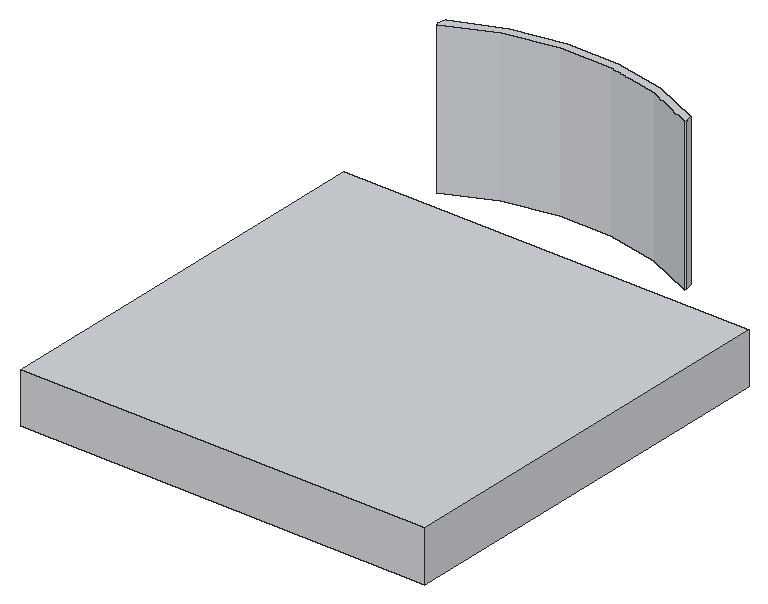
Revit family
Parameters
  Width = 0' - 1 15/16"
  URL = "www.coldspringgranite.com"
  TypicalJointSize = 0' - 0 1/4"
  TopJointOff = no
  TopJoint = if(TopJointOff, 0' 0", TypicalJointSize / 2)  # 0' - 0 1/8"
  StoneMaterial = none
  StoneAngle = 60.00°
  QuirkMiterRightVisibilityOff = not(QuirkMiterRightOn)  # no
  QuirkMiterRightProfileOn = if(QuirkMiterRightOn, 0' 0", Height * 2)  # 0' - 0"
  QuirkMiterRightOn = yes
  QuirkMiterLeftVisibilityOff = not(QuirkMiterLeftOn)  # no
  QuirkMiterLeftProfileOn = if(QuirkMiterLeftOn, 0' 0", Height * 2)  # 0' - 0"
  QuirkMiterLeftOn = yes
  QuirkMiterJoint = TypicalJointSize / 2  # 0' - 0 1/8"
  QuirkMiterFaceAngle = 2 * (asin(QuirkMiter / (2 * InsideRadius)))  # 0.716202°
  QuirkMiterAngle = 45.00°
  QuirkMiter = 0' - 0 3/4"
  Product Name = "Match Website"
  Product Documentation Link = "Website Address"
  PhoneNumber = "800-551-7502"
  OutsideRise = OutsideRadius - (OutsideRadius * cos(StoneAngle / 2))  # 0' - 8.29805"
  OutsideRadius = InsideRadius + Width  # 5' - 1 15/16"
  Notes = ""
  Model = "N/A"
  Manufacturer = "Cold Spring Granite Company"
  Low Emitting Material = yes
  Low Emitting Finish = yes
  Location = "17482 Granite West Road, cold Spring, MN  56320-4578"
  Length = 2 * (InsideRadius * sin(StoneAngle / 2))  # 5' - 0"
  LEED Credit = ""
  Keynote = "044256"
  InsideRise = InsideRadius - (InsideRadius * cos(StoneAngle / 2))  # 0' - 8.03848"
  InsideRadius = 5' - 0"
  Height = 3' - 0"
  FrontHalfLengthRight = if(QuirkMiterRightOn, (InsideRadius * sin((StoneAngle - (QuirkMiterFaceAngle * 2)) / 2)), (Length / 2))  # 2' - 5.34815"
  FrontHalfLengthLeft = if(QuirkMiterLeftOn, (InsideRadius * sin((StoneAngle - (QuirkMiterFaceAngle * 2)) / 2)), (Length / 2))  # 2' - 5.34815"
  Description = "Concave Radial Wall Facing with Quirk Miter"
  Default Elevation = 0' - 0"
  BottomJointOff = no
  BottomJoint = if(BottomJointOff, 0' 0", TypicalJointSize / 2)  # 0' - 0 1/8"
  BackHalfLength = OutsideRadius * sin(StoneAngle / 2)  # 2' - 6 31/32"
  Assembly Code = "B2010160"
Reference planes (in)
  plane 1 "Center (Front/Back)": y = 0
  plane 2: z = 0
  plane 3 "Center (Left/Right)": x = 0
  plane 4 "LeftFront": x = -29.34815
  plane 5 "Left": x = -30
  plane 6 "LeftBack": x = -30.96875
  plane 7 "RightFront": x = 29.34815
  plane 8 "Right": x = 30
  plane 9 "RightBack": x = 30.96875
  plane 10 "FrontEnds": y = 51.96152
  plane 11 "BackEnds": y = 53.63945
  plane 12 "FrontCenter": y = 60
  plane 13 "BackCenter": y = 61.9375
  plane 14 "StoneTop": z = 35.875
  plane 15 "Top": z = 36
  plane 16 "LeftTop": z = 35.875
  plane 17 "RightTop": z = 35.875
  plane 18 "LeftBottom": z = 0.125
  plane 19 "RightBottom": z = 0.125
  plane 20 "StoneBottom": z = 0.125
Forms (in)
  Extrusion 1, solid
    sketch origin (0, 0, 0) x (1, 0, 0) y (0, 1, 0)
      loop
        line (-48, 48) -> (-48, -48) -> (48, -48) -> (48, 48) -> (-48, 48)
    from 0 to -12
  Extrusion 2, solid, material <- "StoneMaterial", detail levels coarse
    sketch origin (0, 0, 0) x (1, 0, 0) y (0, 1, 0)
      loop
        arc (-30, 51.96152) -> (0, 60) -> (30, 51.96152) r 60
        line (30, 51.96152) -> (30.96875, 53.63945)
        arc (30.96875, 53.63945) -> (0, 61.9375) -> (-30.96875, 53.63945) r 61.9375
        line (-30.96875, 53.63945) -> (-30, 51.96152)
    from 0 to 36
  Extrusion 3, solid, material <- "StoneMaterial", detail levels medium+fine
    sketch origin (0, 0, 0) x (1, 0, 0) y (0, 1, 0)
      loop
        arc (-30, 51.96152) -> (0, 60) -> (30, 51.96152) r 60
        line (30, 51.96152) -> (30.96875, 53.63945)
        arc (30.96875, 53.63945) -> (0, 61.9375) -> (-30.96875, 53.63945) r 61.9375
        line (-30.96875, 53.63945) -> (-30, 51.96152)
    from 0.125 to 35.875
  Extrusion 4, void
    sketch origin (0, 0, 0) x (1, 0, 0) y (0, 1, 0)
      loop
        arc (-30, 51.96152) -> (-29.67465, 52.14801) -> (-29.34814, 52.33246) r 60
        line (-29.34814, 52.33246) -> (-29.63709, 52.83295) -> (-29.15051, 54.64889)
        arc (-29.15051, 54.64889) -> (-30.06387, 54.1518) -> (-30.96875, 53.63945) r 61.9375
        line (-30.96875, 53.63945) -> (-30, 51.96152)
    from 0.125 to 35.875
  Extrusion 5, void
    sketch origin (0, 0, 0) x (1, 0, 0) y (0, 1, 0)
      loop
        line (30, 51.96152) -> (30.96875, 53.63945)
        arc (30.96875, 53.63945) -> (30.06387, 54.1518) -> (29.15051, 54.64889) r 61.9375
        line (29.15051, 54.64889) -> (29.63709, 52.83295) -> (29.34814, 52.33246)
        arc (29.34814, 52.33246) -> (29.67465, 52.14801) -> (30, 51.96152) r 60
    from 0.125 to 35.875
Cuts and joins
  Extrusion 4, Extrusion 5 cuts Extrusion 3
Lines and regions (in)
  Masking region 1, detail levels coarse
    outline origin (0, 0, 0) x (0, 1, 0) y (0, 0, 1)
      loop
        line (61.9375, 0) -> (61.9375, 36) -> (60, 36) -> (60, 0) -> (61.9375, 0)
  Masking region 2, detail levels medium+fine
    outline origin (0, 0, 0) x (0, 1, 0) y (0, 0, 1)
      loop
        line (61.9375, 0.125) -> (61.9375, 35.875) -> (60, 35.875) -> (60, 0.125) -> (61.9375, 0.125)
  Masking region 3, detail levels coarse
    outline origin (0, 51.96152, 0) x (-1, 0, 0) y (0, 0, 1)
      loop
        line (30, 36) -> (-30, 36) -> (-30, 0) -> (30, 0) -> (30, 36)
  Masking region 4, detail levels medium+fine
    outline origin (0, 51.96152, 0) x (-1, 0, 0) y (0, 0, 1)
      loop
        line (29.34815, 0.125) -> (29.34815, 35.875) -> (-29.34815, 35.875) -> (-29.34815, 0.125) -> (29.34815, 0.125)
  Masking region 5, detail levels coarse
    outline origin (0, 0, 35.875) x (-1, 0, 0) y (0, -1, 0)
      loop
        arc (30, -51.96152) -> (0, -60) -> (-30, -51.96152) r 60
        line (-30, -51.96152) -> (-30.96875, -53.63945)
        arc (-30.96875, -53.63945) -> (0, -61.9375) -> (30.96875, -53.63945) r 61.9375
        line (30.96875, -53.63945) -> (30, -51.96152)
  Masking region 6, visible <- "QuirkMiterLeftOn", detail levels medium+fine
    outline origin (0, 0, 35.875) x (-1, 0, 0) y (0, -1, 0)
      loop
        arc (0, -61.9375) -> (15.02395, -60.08773) -> (29.15051, -54.64889) r 61.9375
        line (29.15051, -54.64889) -> (29.63709, -52.83295) -> (29.34814, -52.33246)
        arc (29.34814, -52.33246) -> (15.16661, -58.05148) -> (0, -60) r 60
        line (0, -60) -> (0, -61.9375)
  Masking region 7, visible <- "QuirkMiterRightOn", detail levels medium+fine
    outline origin (0, 0, 35.875) x (-1, 0, 0) y (0, -1, 0)
      loop
        arc (0, -60) -> (-15.16661, -58.05148) -> (-29.34814, -52.33246) r 60
        line (-29.34814, -52.33246) -> (-29.63709, -52.83295) -> (-29.15051, -54.64889)
        arc (-29.15051, -54.64889) -> (-15.02395, -60.08773) -> (0, -61.9375) r 61.9375
        line (0, -61.9375) -> (0, -60)
  Masking region 8, visible <- "QuirkMiterLeftVisibilityOff", detail levels medium+fine
    outline origin (0, 0, 35.875) x (-1, 0, 0) y (0, -1, 0)
      loop
        line (0, -60) -> (0, -61.9375)
        arc (0, -61.9375) -> (16.0306, -59.82703) -> (30.96875, -53.63945) r 61.9375
        line (30.96875, -53.63945) -> (30, -51.96152)
        arc (30, -51.96152) -> (15.52914, -57.95555) -> (0, -60) r 60
  Masking region 9, visible <- "QuirkMiterRightVisibilityOff", detail levels medium+fine
    outline origin (0, 0, 35.875) x (-1, 0, 0) y (0, -1, 0)
      loop
        arc (0, -60) -> (-15.52914, -57.95555) -> (-30, -51.96152) r 60
        line (-30, -51.96152) -> (-30.96875, -53.63945)
        arc (-30.96875, -53.63945) -> (-16.0306, -59.82703) -> (0, -61.9375) r 61.9375
        line (0, -61.9375) -> (0, -60)
  reference lines
    curve 1: line (-30, 51.96152, 0) -> (-30.96875, 53.63945, 0)
    curve 2: line (30, 51.96152, 0) -> (30.96875, 53.63945, 0)
    curve 3: line (-29.63709, 52.83295, 0) -> (-33.77499, 60, 0)
    curve 4: line (29.63709, 52.83295, 0) -> (33.77499, 60, 0)
    curve 5: line (-30, 51.96152, 0) -> (-24.32572, 73.13821, 0)
    curve 6: line (30, 51.96152, 0) -> (24.32572, 73.13821, 0)
    curve 7: line (-29.63709, 52.83295, 0) -> (-27.71669, 60, 0)
    curve 8: line (29.63709, 52.83295, 0) -> (27.71669, 60, 0)
Dimensions and locks (in)
  "FrontHalfLengthLeft": plane 4 "LeftFront" to plane 3 "Center (Left/Right)"
  "FrontHalfLengthRight": plane 3 "Center (Left/Right)" to plane 7 "RightFront"
  equal spacing: plane 5 "Left", plane 3 "Center (Left/Right)", plane 8 "Right"
  "Length": plane 5 "Left" to plane 8 "Right"
  "BackHalfLength": plane 6 "LeftBack" to plane 3 "Center (Left/Right)"
  "BackHalfLength": plane 3 "Center (Left/Right)" to plane 9 "RightBack"
  "InsideRadius": plane 1 "Center (Front/Back)" to plane 12 "FrontCenter"
  "Width": plane 13 "BackCenter" to plane 12 "FrontCenter"
  "InsideRise": plane 12 "FrontCenter" to plane 10 "FrontEnds"
  "OutsideRise": plane 13 "BackCenter" to plane 11 "BackEnds"
  "Height": plane 15 "Top" to plane 2
  "BottomJoint": plane 20 "StoneBottom" to plane 2
  "TopJoint": plane 15 "Top" to plane 14 "StoneTop"
  "QuirkMiterLeftProfileOn": plane 20 "StoneBottom" to plane 18 "LeftBottom"
  "QuirkMiterLeftProfileOn": plane 14 "StoneTop" to plane 16 "LeftTop"
  "QuirkMiterRightProfileOn": plane 14 "StoneTop" to plane 17 "RightTop"
  "QuirkMiterRightProfileOn": plane 20 "StoneBottom" to plane 19 "RightBottom"
  "QuirkMiter": curve 3 to curve 1
  "QuirkMiter": curve 2 to curve 4
  "QuirkMiterJoint": curve 7 to curve 5
  "QuirkMiterJoint": curve 6 to curve 8
  "InsideRadius": radius of Extrusion 2 sketch curve
  "OutsideRadius": radius of Extrusion 2 sketch curve
  "InsideRadius": radius of Extrusion 3 sketch curve
  "OutsideRadius": radius of Extrusion 3 sketch curve
  "OutsideRadius": radius of Extrusion 4 sketch curve
  "InsideRadius": radius of Extrusion 4 sketch curve
  "InsideRadius": radius of Extrusion 5 sketch curve
  "OutsideRadius": radius of Extrusion 5 sketch curve
  "InsideRadius": radius of Masking region 5 sketch curve
  "OutsideRadius": radius of Masking region 5 sketch curve
  "InsideRadius": radius of Masking region 6 sketch curve
  "OutsideRadius": radius of Masking region 6 sketch curve
  "InsideRadius": radius of Masking region 7 sketch curve
  "OutsideRadius": radius of Masking region 7 sketch curve
  "InsideRadius": radius of Masking region 8 sketch curve
  "OutsideRadius": radius of Masking region 8 sketch curve
  "InsideRadius": radius of Masking region 9 sketch curve
  "OutsideRadius": radius of Masking region 9 sketch curve
  "QuirkMiterAngle": angle curve 5 to curve 1
  "QuirkMiterAngle": angle curve 2 to curve 6
  aligned and locked: plane 2 to Extrusion 1
  aligned and locked: level to Extrusion 1
  aligned and locked: plane 5 "Left" to curve 1
  aligned and locked: plane 10 "FrontEnds" to curve 1
  aligned and locked: plane 11 "BackEnds" to curve 1
  aligned and locked: plane 6 "LeftBack" to curve 1
  aligned and locked: plane 10 "FrontEnds" to curve 2
  aligned and locked: plane 8 "Right" to curve 2
  aligned and locked: plane 9 "RightBack" to curve 2
  aligned and locked: curve 2 to plane 11 "BackEnds"
  aligned and locked: plane 10 "FrontEnds" to Extrusion 2 sketch curve
  aligned and locked: plane 11 "BackEnds" to Extrusion 2 sketch curve
  aligned and locked: plane 6 "LeftBack" to Extrusion 2 sketch curve
  aligned and locked: plane 8 "Right" to Extrusion 2 sketch curve
  aligned and locked: plane 9 "RightBack" to Extrusion 2 sketch curve
  aligned and locked: Extrusion 2 sketch curve to plane 11 "BackEnds"
  aligned and locked: Extrusion 2 to plane 2
  aligned and locked: Extrusion 2 to plane 15 "Top"
  aligned and locked: plane 10 "FrontEnds" to Extrusion 3 sketch curve
  aligned and locked: plane 6 "LeftBack" to Extrusion 3 sketch curve
  aligned and locked: plane 11 "BackEnds" to Extrusion 3 sketch curve
  aligned and locked: plane 8 "Right" to Extrusion 3 sketch curve
  aligned and locked: plane 9 "RightBack" to Extrusion 3 sketch curve
  aligned and locked: Extrusion 3 sketch curve to plane 11 "BackEnds"
  aligned and locked: Extrusion 3 sketch curve to curve 1
  aligned and locked: Extrusion 3 sketch curve to curve 2
  aligned and locked: Extrusion 3 to plane 20 "StoneBottom"
  aligned and locked: Extrusion 3 to plane 14 "StoneTop"
  aligned and locked: Extrusion 2 sketch curve to Extrusion 3  (x2)
  aligned and locked: Extrusion 4 sketch curve to curve 3  (x2)
  aligned and locked: plane 6 "LeftBack" to Extrusion 4 sketch curve
  aligned and locked: plane 11 "BackEnds" to Extrusion 4 sketch curve
  aligned and locked: curve 7 to Extrusion 4 sketch curve
  aligned and locked: Extrusion 4 sketch curve to curve 1
  aligned and locked: Extrusion 4 sketch curve to curve 7
  aligned and locked: Extrusion 4 to plane 18 "LeftBottom"
  aligned and locked: plane 16 "LeftTop" to Extrusion 4
  aligned and locked: Extrusion 5 sketch curve to curve 4  (x2)
  aligned and locked: plane 9 "RightBack" to Extrusion 5 sketch curve
  aligned and locked: Extrusion 5 sketch curve to plane 11 "BackEnds"
  aligned and locked: curve 8 to Extrusion 5 sketch curve
  aligned and locked: Extrusion 5 sketch curve to curve 2
  aligned and locked: Extrusion 5 sketch curve to curve 8
  aligned and locked: plane 19 "RightBottom" to Extrusion 5
  aligned and locked: Extrusion 5 to plane 17 "RightTop"
  aligned and locked: Masking region 1 sketch curve to plane 2
  aligned and locked: Masking region 1 sketch curve to plane 15 "Top"
  aligned and locked: plane 13 "BackCenter" to Masking region 1 sketch curve
  aligned and locked: plane 13 "BackCenter" to Masking region 2 sketch curve
  aligned and locked: plane 12 "FrontCenter" to Masking region 2 sketch curve
  aligned and locked: Masking region 2 sketch curve to plane 14 "StoneTop"
  aligned and locked: Masking region 2 sketch curve to plane 20 "StoneBottom"
  aligned and locked: Masking region 3 sketch curve to plane 15 "Top"
  aligned and locked: Masking region 3 sketch curve to plane 5 "Left"
  aligned and locked: Masking region 3 sketch curve to plane 8 "Right"
  aligned and locked: Masking region 3 sketch curve to plane 2
  aligned and locked: Masking region 4 sketch curve to plane 4 "LeftFront"
  aligned and locked: Masking region 4 sketch curve to plane 7 "RightFront"
  aligned and locked: Masking region 4 sketch curve to plane 14 "StoneTop"
  aligned and locked: Masking region 4 sketch curve to plane 20 "StoneBottom"
  aligned and locked: plane 10 "FrontEnds" to Masking region 5 sketch curve
  aligned and locked: plane 11 "BackEnds" to Masking region 5 sketch curve
  aligned and locked: plane 6 "LeftBack" to Masking region 5 sketch curve
  aligned and locked: plane 8 "Right" to Masking region 5 sketch curve
  aligned and locked: Masking region 5 sketch curve to plane 11 "BackEnds"
  aligned and locked: plane 9 "RightBack" to Masking region 5 sketch curve
  aligned and locked: Masking region 5 sketch curve to curve 1
  aligned and locked: Masking region 5 sketch curve to curve 2
  aligned and locked: plane 13 "BackCenter" to Masking region 6 sketch curve
  aligned and locked: curve 7 to Masking region 6 sketch curve
  aligned and locked: plane 12 "FrontCenter" to Masking region 6 sketch curve
  aligned and locked: plane 3 "Center (Left/Right)" to Masking region 6 sketch curve
  aligned and locked: Masking region 6 sketch curve to plane 3 "Center (Left/Right)"
  aligned and locked: Masking region 6 sketch curve to curve 3
  aligned and locked: Masking region 6 sketch curve to curve 7
  aligned and locked: plane 12 "FrontCenter" to Masking region 7 sketch curve
  aligned and locked: plane 3 "Center (Left/Right)" to Masking region 7 sketch curve
  aligned and locked: plane 13 "BackCenter" to Masking region 7 sketch curve
  aligned and locked: curve 8 to Masking region 7 sketch curve
  aligned and locked: Masking region 7 sketch curve to curve 8
  aligned and locked: Masking region 7 sketch curve to curve 4
  aligned and locked: plane 3 "Center (Left/Right)" to Masking region 8 sketch curve
  aligned and locked: plane 12 "FrontCenter" to Masking region 8 sketch curve
  aligned and locked: plane 13 "BackCenter" to Masking region 8 sketch curve
  aligned and locked: plane 5 "Left" to Masking region 8 sketch curve
  aligned and locked: plane 11 "BackEnds" to Masking region 8 sketch curve
  aligned and locked: plane 6 "LeftBack" to Masking region 8 sketch curve
  aligned and locked: Masking region 8 sketch curve to curve 1
  aligned and locked: Masking region 8 sketch curve to plane 3 "Center (Left/Right)"
  aligned and locked: plane 3 "Center (Left/Right)" to Masking region 9 sketch curve
  aligned and locked: plane 12 "FrontCenter" to Masking region 9 sketch curve
  aligned and locked: plane 13 "BackCenter" to Masking region 9 sketch curve
  aligned and locked: plane 8 "Right" to Masking region 9 sketch curve
  aligned and locked: Masking region 9 sketch curve to plane 11 "BackEnds"
  aligned and locked: plane 9 "RightBack" to Masking region 9 sketch curve
  aligned and locked: Masking region 9 sketch curve to curve 2
  aligned and locked: Masking region 9 sketch curve to plane 3 "Center (Left/Right)"
  aligned and locked: Masking region 1 sketch curve to plane 12 "FrontCenter"
Automatic sketch dimensions
  Extrusion 1 sketch curve to Extrusion 1 sketch curve = 8' - 0"  (x2)
  curve 3 to plane 12 "FrontCenter" = 0' - 0"
  curve 7 to plane 12 "FrontCenter" = 0' - 0"
  curve 8 to plane 12 "FrontCenter" = 0' - 0"
  plane 12 "FrontCenter" to curve 4 = 0' - 0"
  Extrusion 4 sketch curve to Extrusion 4 sketch curve = 0' - 0"
  Extrusion 4 sketch curve to plane 3 "Center (Left/Right)" = 0' - 0"
  Extrusion 4 sketch curve to plane 5 "Left" = 0' - 0"
  Extrusion 5 sketch curve to Extrusion 5 sketch curve = 0' - 0"
  Extrusion 5 sketch curve to plane 3 "Center (Left/Right)" = 0' - 0"
  Extrusion 5 sketch curve to plane 8 "Right" = 0' - 0"
Nested families (in)
  nested 1: "CopyRight" at (0, 0, 0), type "CopyRight"
Definition of nested family "CopyRight"
  Parameters (values of type "CopyRight")
    CopyRight = "Cold Spring Granite Company"
  Reference planes (in)
    plane 1: z = 0
